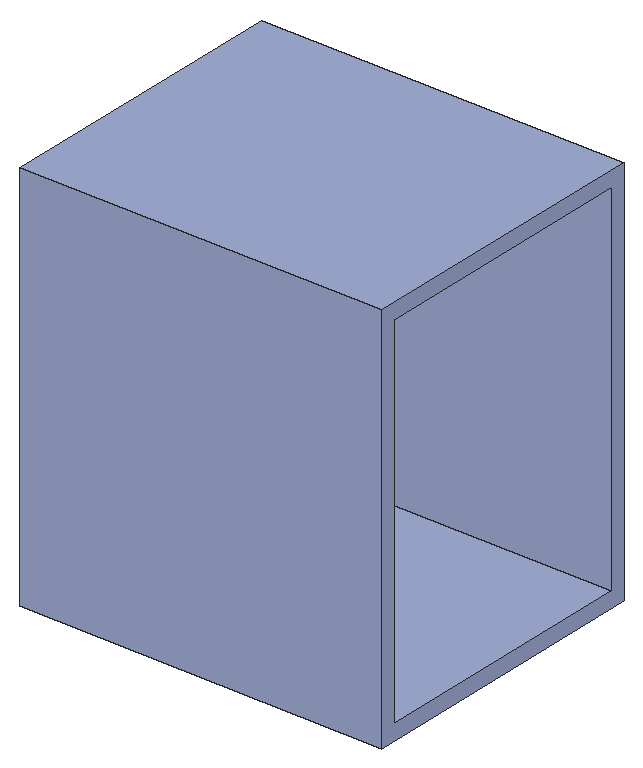
Revit family
Parameters (values of type "36/48")
  Width = 3' - 0"
  URL = "http://www.acousticalsurfaces.com/quiet_liner/quiet_liner.htm?d=0"
  Type Comments = "Acoustical Liner Designed for HVAC"
  Model = "Quiet Liner"
  Material Thickness = 0' - 2"
  Material = Acoustical Surfaces - Quiet Liner
  Manufacturer = "Acoustical Surfaces Inc."
  built-in parameter 1001306 [instance] = 4' - 0"
  Description = "Quiet Natural Fiber Liner is used primarily as an acoustical liner designed for HVAC sheet metal ducts to absorb unwanted noise from multiple sources. Quiet Liner also reduces heat gain or loss. Quiet Natural Fiber Liner contains no harmful irritants and is safe to handle and install."
  Depth = 4' - 0"
  Assembly Code = ""
Reference planes (in)
  plane 1 "Center (Front/Back)": y = -1
  plane 2: z = 0
  plane 3 "Left": x = 0
  plane 4 "Right": x = 48
  plane 5: y = 17
  plane 6: y = -19
  plane 7: z = 24
  plane 8: z = -24
Forms (in)
  Extrusion 1, solid, material "Acoustical Surfaces - Quiet Liner" <- "Material"
    sketch origin (0, 0, 0) x (0, 1, 0) y (0, 0, 1)
      loop
        line (17, 24) -> (-19, 24) -> (-19, -24) -> (17, -24) -> (17, 24)
      loop
        line (19, 26) -> (-21, 26) -> (-21, -26) -> (19, -26) -> (19, 26)
    from 0 to 48
Lines and regions (in)
  reference lines
    curve 1: line (0, -1, 0) -> (48, -1, 0)
Dimensions and locks (in)
  "built-in parameter 1001306": plane 3 "Left" to plane 4 "Right"
  equal spacing: plane 5, plane 1 "Center (Front/Back)", plane 6
  "Width": plane 5 to plane 6
  equal spacing: plane 7, level, plane 8
  "Depth": plane 7 to plane 8
  "Material Thickness": Extrusion 1 to Extrusion 1  (x4)
  aligned and locked: plane 4 "Right" to curve 1
  aligned and locked: plane 1 "Center (Front/Back)" to curve 1
  aligned and locked: plane 3 "Left" to curve 1
  aligned and locked: Extrusion 1 to curve 1
Automatic sketch dimensions
  Extrusion 1 sketch curve to plane 6 = 0' - 0"
  Extrusion 1 sketch curve to plane 5 = 0' - 0"
  Extrusion 1 sketch curve to plane 8 = 0' - 0"
  Extrusion 1 sketch curve to plane 7 = 0' - 0"
  plane 6 to Extrusion 1 sketch curve = 0' - 2"
  Extrusion 1 sketch curve to plane 5 = 0' - 2"
  Extrusion 1 sketch curve to plane 8 = 0' - 2"
  plane 7 to Extrusion 1 sketch curve = 0' - 2"
